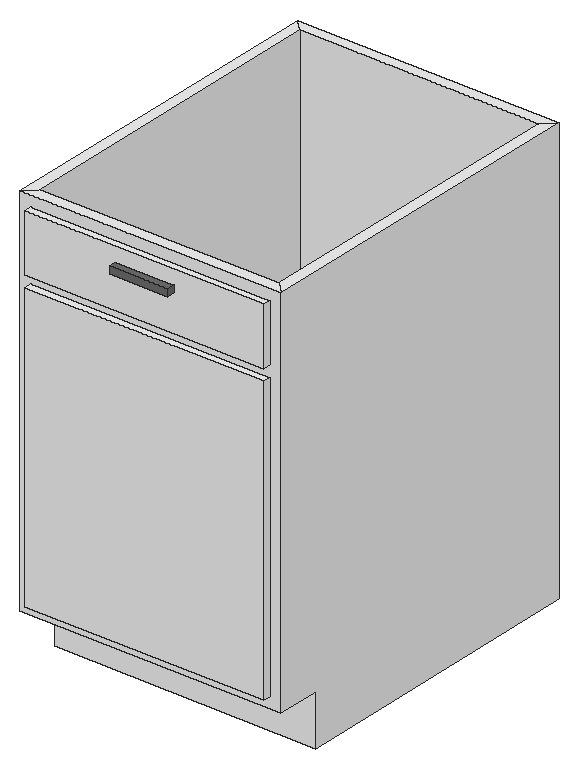
Revit family "e66584f43887402e9782a58a982213ab", category Casework, Revit 2021
Family settings
  OmniClass Number = 23.40.35.17.47.14
  OmniClass Title = Bathroom Casework
  Seek Item ID = Vanity Cabinet-Single Door & Drawer-0000-USA-ENU
  Work Plane-Based = No
  Always vertical = Yes
  Cut with Voids When Loaded = No
  Shared = No
  Room Calculation Point = No
Parameters (values of type "18"")
  Default Elevation = 0' - 0"
  Assembly Code = "C1030410"
  Cabinet Material = none
  Depth = 2' - 0"
  Door/Drawer Material = none
  Handle Material = Cabinets - Handles
  Height = 2' - 5 1/2"
  Toe Depth = 0' - 3"
  Toe Height = 0' - 3 1/2"
  Width = 1' - 6"
Types (6): name | Width
  (no name) | 1' - 6"
  24" | 2' - 0"
  18" | 1' - 6"
  12" | 1' - 0"
  15" | 1' - 3"
  21" | 1' - 9"
Reference planes (in)
  plane 1 "Back": y = 0
  plane 2: z = 0
  plane 3 "Center": x = 0.7377
  plane 4 "Left": x = -8.2623
  plane 5 "Right": x = 9.7377
  plane 6 "Front": y = -24
  plane 7 "Top": z = 29.5
  plane 8: y = -21
  plane 9: z = 3.5
  plane 10: z = 28.75
  plane 11: z = 4.25
  plane 12: x = -7.5123
  plane 13: x = 8.9877
  plane 14: z = 24.75
  plane 15: z = 24
  plane 16: x = -1.2623
  plane 17: x = 2.7377
  plane 18: z = 27.75
  plane 19: z = 27.25
  plane 20: z = 22.5
  plane 21: z = 18.5
  plane 22: x = 7.9877
  plane 23: x = 7.4877
Forms (in)
  Extrusion 1, solid, material <- "Cabinet Material"
    sketch origin (0, 0, 0) x (1, 0, 0) y (0, 1, 0)
      loop
        line (-8.2623, 0) -> (-8.2623, -21) -> (9.7377, -21) -> (9.7377, 0) -> (-8.2623, 0)
    from 0 to 3.5
  Sweep 2, solid, material <- "Cabinet Material"
    path origin (0, 0, 0) x (1, 0, 0) y (0, 1, 0)
      loop
        line (9.7377, 0) -> (-8.2623, 0) -> (-8.2623, -24) -> (9.7377, -24) -> (9.7377, 0)
    profile origin (0, -12, 0) x (1, 0, 0) y (0, 0, 1)
      loop
        line (9.7377, 3.5) -> (9.7377, 29.5) -> (8.9877, 29.5) -> (8.9877, 3.5) -> (9.7377, 3.5)
  Extrusion 3, solid, material <- "Cabinet Material"
    sketch origin (0, 0, 0) x (1, 0, 0) y (0, 1, 0)
      loop
        line (-7.5123, -0.75) -> (-7.5123, -23.25) -> (8.9877, -23.25) -> (8.9877, -0.75) -> (-7.5123, -0.75)
    from 4.25 to 3.5
  Extrusion 4, solid, material <- "Door/Drawer Material"
    sketch origin (0, -24, 0) x (1, 0, 0) y (0, 0, 1)
      loop
        line (-7.5123, 28.75) -> (-7.5123, 24.75) -> (8.9877, 24.75) -> (8.9877, 28.75) -> (-7.5123, 28.75)
      loop
        line (-7.5123, 4.25) -> (8.9877, 4.25) -> (8.9877, 24) -> (-7.5123, 24) -> (-7.5123, 4.25)
    from 0 to 0.5
  Extrusion 5, solid, material "Cabinets - Handles" <- "Handle Material"
    sketch origin (0, -24, 0) x (1, 0, 0) y (0, 0, 1)
      loop
        line (-1.2623, 27.75) -> (-1.2623, 27.25) -> (2.7377, 27.25) -> (2.7377, 27.75) -> (-1.2623, 27.75)
    from 0.5 to 1
Cuts and joins
  joined: Extrusion 1, Sweep 2
Lines and regions (in)
  Masking region 1
    outline origin (0, 0, 0) x (1, 0, 0) y (0, 1, 0)
      loop
        line (-8.2623, 0) -> (-8.2623, -24) -> (9.7377, -24) -> (9.7377, 0) -> (-8.2623, 0)
  model lines
    curve 1: line (8.9877, -24, 24.75) -> (-7.5123, -24, 24.75)
    curve 2: line (8.9877, -24, 28.75) -> (8.9877, -24, 24.75)
    curve 3: line (-7.5123, -24, 28.75) -> (8.9877, -24, 28.75)
    curve 4: line (-7.5123, -24, 24.75) -> (-7.5123, -24, 28.75)
    curve 5: line (8.9877, -24, 4.25) -> (-7.5123, -24, 4.25)
    curve 6: line (8.9877, -24, 24) -> (8.9877, -24, 4.25)
    curve 7: line (-7.5123, -24, 24) -> (8.9877, -24, 24)
    curve 8: line (-7.5123, -24, 4.25) -> (-7.5123, -24, 24)
    curve 9: line (-1.2623, -24, 27.75) -> (2.7377, -24, 27.75)
    curve 10: line (-1.2623, -24, 27.25) -> (-1.2623, -24, 27.75)
    curve 11: line (2.7377, -24, 27.25) -> (-1.2623, -24, 27.25)
    curve 12: line (2.7377, -24, 27.75) -> (2.7377, -24, 27.25)
    curve 13: line (7.4877, -24, 22.5) -> (7.9877, -24, 22.5)
    curve 14: line (7.4877, -24, 18.5) -> (7.4877, -24, 22.5)
    curve 15: line (7.9877, -24, 18.5) -> (7.4877, -24, 18.5)
    curve 16: line (7.9877, -24, 22.5) -> (7.9877, -24, 18.5)
  model lines, style "InvisibleLines"
    curve 17: line (-7.5123, -24, 14.125) -> (-8.2623, -24, 14.125)
  model lines, style "Elevation Swing"
    curve 18: line (8.9877, -24, 24) -> (-7.5123, -24, 14.125)
    curve 19: line (-7.5123, -24, 14.125) -> (8.9877, -24, 4.25)
Dimensions and locks (in)
  "Depth": plane 6 "Front" to plane 1 "Back"
  "Width": plane 4 "Left" to plane 5 "Right"
  equal spacing: plane 4 "Left", plane 3 "Center", plane 5 "Right"
  "Height": level to plane 7 "Top"
  "Toe Height": plane 2 to plane 9
  "Toe Depth": plane 6 "Front" to plane 8
  locked: plane 4 "Left" to plane 12 at 0.75
  locked: plane 13 to plane 5 "Right" at 0.75
  locked: plane 7 "Top" to plane 10 at 0.75
  locked: plane 11 to plane 9 at 0.75
  plane 10 to plane 14 to plane 15 = 0' - 4" locked, 0' - 0 3/4" locked
  plane 16 to plane 3 "Center" to plane 17 = 0' - 2", 0' - 2"
  plane 15 to plane 20 to plane 21 = 0' - 1 1/2" locked, 0' - 4" locked
  plane 23 to plane 22 to plane 13 = 0' - 0 1/2" locked, 0' - 1" locked
  plane 10 to plane 18 to plane 19 = 0' - 1" locked, 0' - 0 1/2" locked
  equal spacing: plane 15, curve 17, plane 11
  aligned and locked: plane 1 "Back" to Extrusion 1 sketch curve
  aligned and locked: Extrusion 1 sketch curve to plane 5 "Right"
  aligned and locked: Extrusion 1 sketch curve to plane 8
  aligned and locked: plane 4 "Left" to Extrusion 1 sketch curve
  aligned and locked: Extrusion 1 to level
  aligned and locked: Sweep 2 sketch curve to plane 6 "Front"
  aligned and locked: plane 1 "Back" to Sweep 2 sketch curve
  aligned and locked: Sweep 2 sketch curve to plane 5 "Right"  (x2)
  aligned and locked: plane 4 "Left" to Sweep 2 sketch curve
  aligned and locked: plane 7 "Top" to Sweep 2 sketch curve
  aligned and locked: Sweep 2 sketch curve to plane 9
  aligned and locked: Sweep 2 to Extrusion 3 sketch curve  (x2)
  aligned and locked: Extrusion 3 sketch curve to Sweep 2  (x2)
  aligned and locked: plane 11 to Extrusion 3
  aligned and locked: plane 9 to Extrusion 3
  aligned and locked: Extrusion 1 to plane 9
  aligned and locked: Extrusion 4 sketch curve to curve 1
  aligned and locked: Extrusion 4 sketch curve to curve 7
  aligned and locked: Masking region 1 sketch curve to plane 5 "Right"
  aligned and locked: plane 1 "Back" to Masking region 1 sketch curve
  aligned and locked: plane 4 "Left" to Masking region 1 sketch curve
  aligned and locked: Masking region 1 sketch curve to plane 6 "Front"
Automatic sketch dimensions
  profile plane to Sweep 2 sketch curve = 0' - 0 3/4"
  curve 3 to plane 10 = 0' - 0"
  curve 3 to plane 13 = 0' - 0"
  curve 19 to plane 11 = 0' - 0"
  curve 19 to plane 13 = 0' - 0"
  curve 18 to plane 13 = 0' - 0"
  curve 6 to plane 11 = 0' - 0"
  curve 6 to plane 13 = 0' - 0"
  curve 16 to plane 20 = 0' - 0"
  curve 16 to plane 22 = 0' - 0"
  curve 15 to plane 21 = 0' - 0"
  curve 15 to plane 23 = 0' - 0"
  curve 9 to plane 17 = 0' - 0"
  curve 11 to plane 16 = 0' - 0"
  curve 17 to plane 12 = 0' - 0"
  curve 4 to plane 12 = 0' - 0"
  curve 18 to plane 12 = 0' - 0"
  curve 17 to plane 4 "Left" = 0' - 0"
  curve 10 to plane 18 = 0' - 0"
  curve 11 to plane 19 = 0' - 0"
  curve 2 to plane 14 = 0' - 0"
  curve 7 to plane 15 = 0' - 0"
  curve 18 to plane 15 = 0' - 0"
  curve 18 to curve 17 = 0' - 0"
  Extrusion 4 sketch curve to plane 11 = 0' - 0"
  Extrusion 4 sketch curve to plane 10 = 0' - 0"
  Extrusion 5 sketch curve to plane 16 = 0' - 0"
  Extrusion 5 sketch curve to plane 17 = 0' - 0"
  Extrusion 5 sketch curve to plane 19 = 0' - 0"
  Extrusion 5 sketch curve to plane 18 = 0' - 0"
  Extrusion 4 sketch curve to plane 12 = 0' - 0"  (x2)
  Extrusion 4 sketch curve to plane 13 = 0' - 0"  (x2)
